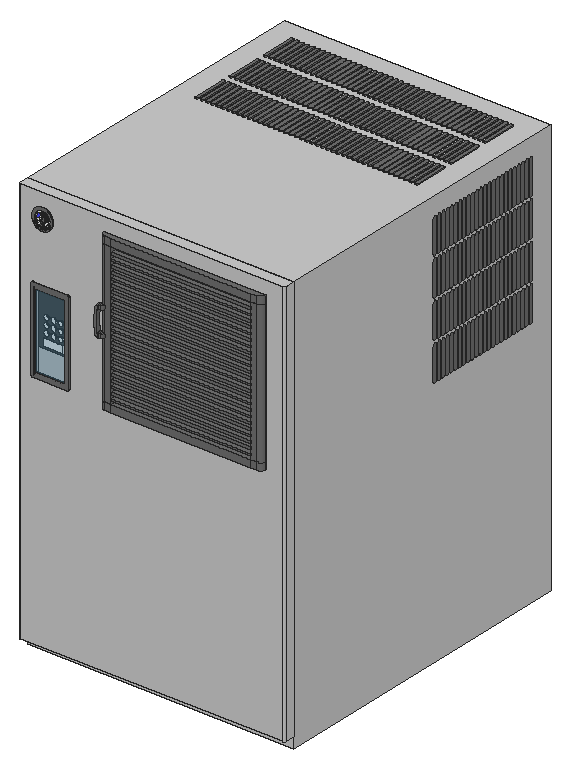
Revit family "QF_HOSHIZAKI_IM-240APE_251030081704", category Specialty Equipment, Revit 2021 (continued)
Definition of nested family "QF_HOSHIZAKI_IM-240APE_2920"
  Forms (mm)
    Extrusion 21, solid
      sketch origin (165.5, -246.9, 530.669) x (1, 0, 0) y (0, 1, 0)
        loop
          arc (333.5, -465.393) -> (339.646, -465.195) -> (345.792, -465.032) r 1092.521
          arc (345.792, -465.032) -> (352.674, -462.002) -> (355.5, -455.034) r 10.002
          line (355.5, -455.034) -> (355.5, -453.1) -> (15.5, -453.1)
      from -6.419 to 8.581
    Extrusion 22, solid
      sketch origin (169.5, -249.137, 809.992) x (1, 0, 0) y (0, 1, 0)
        loop
          line (33.5, -450.863) -> (33.5, -463.156)
          arc (33.5, -463.156) -> (181.5, -470.863) -> (329.5, -463.156) r 1424.956
          line (329.5, -463.156) -> (329.5, -450.863) -> (33.5, -450.863)
      from 0 to 5
    Extrusion 23, solid
      sketch origin (169.5, -249.137, 797.992) x (1, 0, 0) y (0, 1, 0)
        loop
          line (33.5, -450.863) -> (33.5, -463.156)
          arc (33.5, -463.156) -> (181.5, -470.863) -> (329.5, -463.156) r 1424.956
          line (329.5, -463.156) -> (329.5, -450.863) -> (33.5, -450.863)
      from 0 to 5
    Extrusion 24, solid
      sketch origin (169.5, -249.137, 785.992) x (1, 0, 0) y (0, 1, 0)
        loop
          line (33.5, -450.863) -> (33.5, -463.156)
          arc (33.5, -463.156) -> (181.5, -470.863) -> (329.5, -463.156) r 1424.956
          line (329.5, -463.156) -> (329.5, -450.863) -> (33.5, -450.863)
      from 0 to 5
    Extrusion 25, solid
      sketch origin (169.5, -249.137, 773.992) x (1, 0, 0) y (0, 1, 0)
        loop
          line (33.5, -450.863) -> (33.5, -463.156)
          arc (33.5, -463.156) -> (181.5, -470.863) -> (329.5, -463.156) r 1424.956
          line (329.5, -463.156) -> (329.5, -450.863) -> (33.5, -450.863)
      from 0 to 5
    Extrusion 26, solid
      sketch origin (169.5, -249.137, 761.992) x (1, 0, 0) y (0, 1, 0)
        loop
          line (33.5, -450.863) -> (33.5, -463.156)
          arc (33.5, -463.156) -> (181.5, -470.863) -> (329.5, -463.156) r 1424.956
          line (329.5, -463.156) -> (329.5, -450.863) -> (33.5, -450.863)
      from 0 to 5
    Extrusion 27, solid
      sketch origin (169.5, -249.137, 749.992) x (1, 0, 0) y (0, 1, 0)
        loop
          line (33.5, -450.863) -> (33.5, -463.156)
          arc (33.5, -463.156) -> (181.5, -470.863) -> (329.5, -463.156) r 1424.956
          line (329.5, -463.156) -> (329.5, -450.863) -> (33.5, -450.863)
      from 0 to 5
    Extrusion 28, solid
      sketch origin (169.5, -249.137, 737.992) x (1, 0, 0) y (0, 1, 0)
        loop
          line (33.5, -450.863) -> (33.5, -463.156)
          arc (33.5, -463.156) -> (181.5, -470.863) -> (329.5, -463.156) r 1424.956
          line (329.5, -463.156) -> (329.5, -450.863) -> (33.5, -450.863)
      from 0 to 5
    Extrusion 29, solid
      sketch origin (169.5, -249.137, 725.992) x (1, 0, 0) y (0, 1, 0)
        loop
          line (33.5, -450.863) -> (33.5, -463.156)
          arc (33.5, -463.156) -> (181.5, -470.863) -> (329.5, -463.156) r 1424.956
          line (329.5, -463.156) -> (329.5, -450.863) -> (33.5, -450.863)
      from 0 to 5
    Extrusion 30, solid
      sketch origin (169.5, -249.137, 713.992) x (1, 0, 0) y (0, 1, 0)
        loop
          line (33.5, -450.863) -> (33.5, -463.156)
          arc (33.5, -463.156) -> (181.5, -470.863) -> (329.5, -463.156) r 1424.956
          line (329.5, -463.156) -> (329.5, -450.863) -> (33.5, -450.863)
      from 0 to 5
    Extrusion 31, solid
      sketch origin (169.5, -249.137, 701.992) x (1, 0, 0) y (0, 1, 0)
        loop
          line (33.5, -450.863) -> (33.5, -463.156)
          arc (33.5, -463.156) -> (181.5, -470.863) -> (329.5, -463.156) r 1424.956
          line (329.5, -463.156) -> (329.5, -450.863) -> (33.5, -450.863)
      from 0 to 5
    Extrusion 32, solid
      sketch origin (169.5, -249.137, 689.992) x (1, 0, 0) y (0, 1, 0)
        loop
          line (33.5, -450.863) -> (33.5, -463.156)
          arc (33.5, -463.156) -> (181.5, -470.863) -> (329.5, -463.156) r 1424.956
          line (329.5, -463.156) -> (329.5, -450.863) -> (33.5, -450.863)
      from 0 to 5
    Extrusion 33, solid
      sketch origin (169.5, -249.137, 677.992) x (1, 0, 0) y (0, 1, 0)
        loop
          line (33.5, -450.863) -> (33.5, -463.156)
          arc (33.5, -463.156) -> (181.5, -470.863) -> (329.5, -463.156) r 1424.956
          line (329.5, -463.156) -> (329.5, -450.863) -> (33.5, -450.863)
      from 0 to 5
    Extrusion 34, solid
      sketch origin (169.5, -249.137, 665.992) x (1, 0, 0) y (0, 1, 0)
        loop
          line (33.5, -450.863) -> (33.5, -463.156)
          arc (33.5, -463.156) -> (181.5, -470.863) -> (329.5, -463.156) r 1424.956
          line (329.5, -463.156) -> (329.5, -450.863) -> (33.5, -450.863)
      from 0 to 5
    Extrusion 35, solid
      sketch origin (169.5, -249.137, 653.992) x (1, 0, 0) y (0, 1, 0)
        loop
          line (33.5, -450.863) -> (33.5, -463.156)
          arc (33.5, -463.156) -> (181.5, -470.863) -> (329.5, -463.156) r 1424.956
          line (329.5, -463.156) -> (329.5, -450.863) -> (33.5, -450.863)
      from 0 to 5
    Extrusion 36, solid
      sketch origin (169.5, -249.137, 641.992) x (1, 0, 0) y (0, 1, 0)
        loop
          line (33.5, -450.863) -> (33.5, -463.156)
          arc (33.5, -463.156) -> (181.5, -470.863) -> (329.5, -463.156) r 1424.956
          line (329.5, -463.156) -> (329.5, -450.863) -> (33.5, -450.863)
      from 0 to 5
    Extrusion 37, solid
      sketch origin (169.5, -249.137, 629.992) x (1, 0, 0) y (0, 1, 0)
        loop
          line (33.5, -450.863) -> (33.5, -463.156)
          arc (33.5, -463.156) -> (181.5, -470.863) -> (329.5, -463.156) r 1424.956
          line (329.5, -463.156) -> (329.5, -450.863) -> (33.5, -450.863)
      from 0 to 5
    Extrusion 38, solid
      sketch origin (169.5, -249.137, 617.992) x (1, 0, 0) y (0, 1, 0)
        loop
          line (33.5, -450.863) -> (33.5, -463.156)
          arc (33.5, -463.156) -> (181.5, -470.863) -> (329.5, -463.156) r 1424.956
          line (329.5, -463.156) -> (329.5, -450.863) -> (33.5, -450.863)
      from 0 to 5
    Extrusion 39, solid
      sketch origin (169.5, -249.137, 605.992) x (1, 0, 0) y (0, 1, 0)
        loop
          line (33.5, -450.863) -> (33.5, -463.156)
          arc (33.5, -463.156) -> (181.5, -470.863) -> (329.5, -463.156) r 1424.956
          line (329.5, -463.156) -> (329.5, -450.863) -> (33.5, -450.863)
      from 0 to 5
    Extrusion 40, solid
      sketch origin (169.5, -249.137, 593.992) x (1, 0, 0) y (0, 1, 0)
        loop
          line (33.5, -450.863) -> (33.5, -463.156)
          arc (33.5, -463.156) -> (181.5, -470.863) -> (329.5, -463.156) r 1424.956
          line (329.5, -463.156) -> (329.5, -450.863) -> (33.5, -450.863)
      from 0 to 5
    Extrusion 41, solid
      sketch origin (169.5, -249.137, 581.992) x (1, 0, 0) y (0, 1, 0)
        loop
          line (33.5, -450.863) -> (33.5, -463.156)
          arc (33.5, -463.156) -> (181.5, -470.863) -> (329.5, -463.156) r 1424.956
          line (329.5, -463.156) -> (329.5, -450.863) -> (33.5, -450.863)
      from 0 to 5
    Extrusion 42, solid
      sketch origin (169.5, -249.137, 569.992) x (1, 0, 0) y (0, 1, 0)
        loop
          line (33.5, -450.863) -> (33.5, -463.156)
          arc (33.5, -463.156) -> (181.5, -470.863) -> (329.5, -463.156) r 1424.956
          line (329.5, -463.156) -> (329.5, -450.863) -> (33.5, -450.863)
      from 0 to 5
    Extrusion 43, solid
      sketch origin (169.5, -249.137, 557.992) x (1, 0, 0) y (0, 1, 0)
        loop
          line (33.5, -450.863) -> (33.5, -463.156)
          arc (33.5, -463.156) -> (181.5, -470.863) -> (329.5, -463.156) r 1424.956
          line (329.5, -463.156) -> (329.5, -450.863) -> (33.5, -450.863)
      from 0 to 5
    Extrusion 44, solid
      sketch origin (169.5, -249.137, 545.992) x (1, 0, 0) y (0, 1, 0)
        loop
          line (33.5, -450.863) -> (33.5, -463.156)
          arc (33.5, -463.156) -> (181.5, -470.863) -> (329.5, -463.156) r 1424.956
          line (329.5, -463.156) -> (329.5, -450.863) -> (33.5, -450.863)
      from 0 to 5
  Cuts and joins
    Extrusion 5 cuts Extrusion 19
  Lines and regions (mm)
    symbolic lines
      curve 1: line (0, 0, 0) -> (560, 0, 0)
      curve 2: line (0, -700, 0) -> (0, 0, 0)
      curve 3: line (560, 0, 0) -> (560, -700, 0)
      curve 4: line (0, -700, 0) -> (560, -700, 0)
  Dimensions and locks
    plane 3 "Left" to plane 4 "Right" = 560 mm
    plane 5 "Front" to plane 1 "Back" = 700 mm
    plane 4 "Right" to plane 3 "Left" = 560 mm
    plane 6 "Top" to level = 880 mm  (x2)
    plane 1 "Back" to plane 5 "Front" = 700 mm
    aligned and locked: level to plane 2
Definition of nested family "CONN_POINT_COLDWATER_2D___Generic_Annotation"
  Parameters (values of type "CONN_POINT_COLDWATER_2D___Generic_Annotation")
    Onboard connection annotation symbol visibility [instance] = yes
  Reference planes
    plane 1: y = 0
    plane 2: x = 0
  Lines and regions (mm)
    detail lines, visible <- "Onboard connection annotation symbol visibility"
      curve 1: circle (0, 0, 0) r 0.5 normal (0, 0, 1)
      curve 2: line (-1, 0, 0) -> (1, 0, 0)
      curve 3: line (0, 1, 0) -> (0, -1, 0)
      curve 4: line (3.241, 1, 0) -> (3.717, -1, 0)
      curve 5: line (3.717, -1, 0) -> (4.193, 1, 0)
      curve 6: line (4.193, 1, 0) -> (4.669, -1, 0)
      curve 7: line (4.669, -1, 0) -> (5.145, 1, 0)
      curve 8: arc (2.67, 0.524, 0) -> (2.004, 1, 0) -> (1.337, 0.524, 0) r 0.704
      curve 9: arc (1.337, -0.524, 0) -> (2.004, -1, 0) -> (2.67, -0.524, 0) r 0.704
      curve 10: arc (1.337, 0.524, 0) -> (1.25, 0, 0) -> (1.337, -0.524, 0) r 1.616
Definition of nested family "CONN_POINT_DRAIN_2D___Generic_Annotation"
  Parameters (values of type "CONN_POINT_DRAIN_2D___Generic_Annotation")
    Onboard connection annotation symbol visibility [instance] = yes
  Reference planes
    plane 1: y = 0
    plane 2: x = 0
  Lines and regions (mm)
    detail lines, visible <- "Onboard connection annotation symbol visibility"
      curve 1: circle (0, 0, 0) r 0.5 normal (0, 0, 1)
      curve 2: line (-1, 0, 0) -> (1, 0, 0)
      curve 3: line (0, 1, 0) -> (0, -1, 0)
      curve 4: line (1.776, 1, 0) -> (1.25, 1, 0)
      curve 5: line (1.25, 1, 0) -> (1.25, -1, 0)
      curve 6: line (1.25, -1, 0) -> (1.776, -1, 0)
      curve 7: arc (2.206, -0.862, 0) -> (2.459, -0.589, 0) -> (2.583, -0.238, 0) r 0.918
      curve 8: arc (2.583, 0.238, 0) -> (2.459, 0.589, 0) -> (2.206, 0.862, 0) r 0.918
      curve 9: arc (2.583, -0.238, 0) -> (2.599, 0, 0) -> (2.583, 0.238, 0) r 1.77
      curve 10: arc (2.206, 0.862, 0) -> (2.002, 0.965, 0) -> (1.776, 1, 0) r 0.741
      curve 11: arc (1.776, -1, 0) -> (2.002, -0.965, 0) -> (2.206, -0.862, 0) r 0.741
Definition of nested family "CONN_POINT_ELE_2D___Generic_Annotation"
  Parameters (values of type "CONN_POINT_ELE_2D___Generic_Annotation")
    Onboard connection annotation symbol visibility [instance] = yes
  Reference planes
    plane 1: y = 0
    plane 2: x = 0
  Lines and regions (mm)
    detail lines, visible <- "Onboard connection annotation symbol visibility"
      curve 1: circle (0, 0, 0) r 0.5 normal (0, 0, 1)
      curve 2: line (-1, 0, 0) -> (1, 0, 0)
      curve 3: line (0, 1, 0) -> (0, -1, 0)
      curve 4: line (2.5, 1, 0) -> (1.25, 1, 0)
      curve 5: line (1.25, 1, 0) -> (1.25, -1, 0)
      curve 6: line (1.25, -1, 0) -> (2.5, -1, 0)
      curve 7: line (1.25, 0, 0) -> (2, 0, 0)
